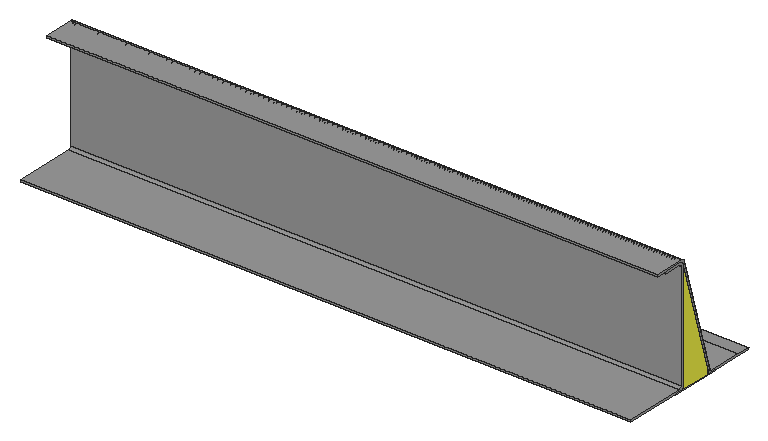
Revit family "CFS K 70 WIL", category Generic Models, Revit 2014
Parameters (values of type "Max lintel length 4800mm")
  URL = "http://www.keystonelintels.co.uk"
  Structural Opening [instance] = 900 mm
  Structural Performance = "The Keystone lintel range has safe working loads as detailed in each applicable loading table in the Keystone Lintel Guide brochure. The structural performance figures within each table have been ascertained by testing in accordance with the requirements of standards BS EN 5977-2: 1983 and BS EN 845-2: 2003."
  RIBA Productor Selector = "available for Keystone Lintels Ltd from Keystone Lintels Ltd from ribaproductselector.com"
  Model = "CFS/K 70 WIL"
  Min Length = 600 mm
  Min Clear Span = 300 mm
  Max Length = 4800 mm
  Max Clear Span = 4800 mm
  Material - Stainless Steel = "Grade 304 2b 1.4307 to BS EN 10088-2. Other grades available on request: contact manufacturer."
  Material - Galvanised Steel = "To BS EN 10346: 2009. DX51D plus Z600 or grade Z275 to BS 5977-2: 1983 (BS EN 845-2: 2003)."
  Manufacturer = "Keystone"
  Manufactured Length [instance] = (roundup(Effective Length / 150 mm) * 150 mm)  # 1200 mm
  Lintel height [instance] = 2100 mm
  Keynote = "F30/755"
  Fire Performance = "Keystone lintels have been subjected to a fire test (WARRES No. 101263) in accordance with BS 476-20: 1987, at Exova Warrington Fire and achieved a one hour fire performance."
  End Bearing = 150 mm
  Effective Length [instance] = Clear Opening with MIN MAX set + End Bearing * 2  # 1200 mm
  Corrosion = "Keystone’s standard range of lintels are manufactured from high quality grade pre-galvanized carbon steel with a zinc coating of 600"
  Contact Tel = "+44 (0)28 8676 2184"
  Contact Email = "info@keystonelintels.co.uk"
  Clear Opening with MIN MAX set [instance] = if(Structural Opening < Min Clear Span, Min Clear Span, (if(Structural Opening > Max Clear Span, Max Clear Span, Structural Opening)))  # 900 mm
  CPD Information = "Available for Keystone Lintels Ltd from ribacpd.com"
Reference planes
  plane 1 "Center (Front/Back)": y = 0
  plane 2: z = 0
  plane 3 "Center (Left/Right)": x = 0
  plane 4: x = -600
  plane 5: x = 600
  plane 6: z = 2100
  plane 7: x = -450
  plane 8: x = 450
Forms (mm)
  Extrusion 1, solid, material "Steel"
    sketch origin (0, 702.337, -496.241) x (0, 1, 0) y (0, 0, 1)
      loop
        line (-573.097, 2595.382) -> (-572.987, 2598.58) -> (-597.95, 2599.441) -> (-665.808, 2599.441)
        arc (-665.808, 2599.441) -> (-666.894, 2599.805) -> (-667.54, 2600.75) r 1.8
        line (-667.54, 2600.75) -> (-731.023, 2821.604)
        arc (-731.023, 2821.604) -> (-732.819, 2824.23) -> (-735.834, 2825.241) r 5
        line (-735.834, 2825.241) -> (-795.834, 2825.241) -> (-795.834, 2822.041) -> (-735.985, 2822.041)
        arc (-735.985, 2822.041) -> (-734.771, 2821.631) -> (-734.056, 2820.568) r 2
        line (-734.056, 2820.568) -> (-670.617, 2599.878)
        arc (-670.617, 2599.878) -> (-668.822, 2597.253) -> (-665.807, 2596.241) r 5
        line (-665.807, 2596.241) -> (-598.005, 2596.241) -> (-573.097, 2595.382)
    from -600 to 600
  Extrusion 2, solid, material "Steel"
    sketch origin (0, 702.337, -496.241) x (0, 1, 0) y (0, 0, 1)
      loop
        arc (-740.985, 2596.241) -> (-735.399, 2598.555) -> (-733.085, 2604.141) r 7.9
        line (-733.085, 2604.141) -> (-733.085, 2814.141)
        arc (-733.085, 2814.141) -> (-735.399, 2819.727) -> (-740.985, 2822.041) r 7.9
        line (-740.985, 2822.041) -> (-775.985, 2822.041) -> (-775.985, 2818.841) -> (-741.285, 2818.841)
        arc (-741.285, 2818.841) -> (-737.75, 2817.377) -> (-736.285, 2813.841) r 5
        line (-736.285, 2813.841) -> (-736.285, 2604.141)
        arc (-736.285, 2604.141) -> (-737.662, 2600.818) -> (-740.985, 2599.441) r 4.7
        line (-740.985, 2599.441) -> (-860.985, 2599.441) -> (-860.985, 2596.241) -> (-740.985, 2596.241)
    from -600 to 600
  Extrusion 3, solid, material "Steel"
    sketch origin (0, 702.337, -496.241) x (0, 1, 0) y (0, 0, 1)
      loop
        line (-750.531, 2595.241) -> (-655.531, 2595.241) -> (-655.531, 2596.241) -> (-672.531, 2596.241) -> (-672.531, 2604.241) -> (-673.531, 2604.241) -> (-673.531, 2596.241) -> (-750.531, 2596.241) -> (-750.531, 2595.241)
    from -600 to 600
  Extrusion 4, solid, material "Insulation"
    sketch origin (0, 702.337, -496.241) x (0, 1, 0) y (0, 0, 1)
      loop
        arc (-665.807, 2596.241) -> (-668.822, 2597.253) -> (-670.617, 2599.878) r 5
        line (-670.617, 2599.878) -> (-734.056, 2820.568)
        arc (-734.056, 2820.568) -> (-734.771, 2821.631) -> (-735.985, 2822.041) r 2
        line (-735.985, 2822.041) -> (-740.985, 2822.041)
        arc (-740.985, 2822.041) -> (-735.399, 2819.727) -> (-733.085, 2814.141) r 7.9
        line (-733.085, 2814.141) -> (-733.085, 2604.141)
        arc (-733.085, 2604.141) -> (-735.399, 2598.555) -> (-740.985, 2596.241) r 7.9
        line (-740.985, 2596.241) -> (-673.531, 2596.241) -> (-673.531, 2604.241) -> (-672.531, 2604.241) -> (-672.531, 2596.241) -> (-665.807, 2596.241)
    from -600 to 600
  Extrusion 5, solid, not visible
    sketch origin (0, 978.26, 1245.768) x (0, 1, 0) y (0, 0, 1)
      loop
        line (-573.097, 995.382) -> (-572.987, 998.58) -> (-597.95, 999.441) -> (-665.808, 999.441)
        arc (-665.808, 999.441) -> (-666.894, 999.805) -> (-667.54, 1000.75) r 1.8
        line (-667.54, 1000.75) -> (-731.023, 1221.604)
        arc (-731.023, 1221.604) -> (-732.819, 1224.23) -> (-735.834, 1225.241) r 5
        line (-735.834, 1225.241) -> (-795.834, 1225.241) -> (-795.834, 1222.041) -> (-735.985, 1222.041)
        arc (-735.985, 1222.041) -> (-734.771, 1221.631) -> (-734.056, 1220.568) r 2
        line (-734.056, 1220.568) -> (-670.617, 999.878)
        arc (-670.617, 999.878) -> (-668.822, 997.253) -> (-665.807, 996.241) r 5
        line (-665.807, 996.241) -> (-598.005, 996.241) -> (-573.097, 995.382)
    from 0 to 250
  Extrusion 6, solid, not visible
    sketch origin (0, 578.987, 1226.145) x (0, 1, 0) y (0, 0, 1)
      loop
        arc (-740.985, 996.241) -> (-735.399, 998.555) -> (-733.085, 1004.141) r 7.9
        line (-733.085, 1004.141) -> (-733.085, 1214.141)
        arc (-733.085, 1214.141) -> (-735.399, 1219.727) -> (-740.985, 1222.041) r 7.9
        line (-740.985, 1222.041) -> (-775.985, 1222.041) -> (-775.985, 1218.841) -> (-741.285, 1218.841)
        arc (-741.285, 1218.841) -> (-737.75, 1217.377) -> (-736.285, 1213.841) r 5
        line (-736.285, 1213.841) -> (-736.285, 1004.141)
        arc (-736.285, 1004.141) -> (-737.662, 1000.818) -> (-740.985, 999.441) r 4.7
        line (-740.985, 999.441) -> (-860.985, 999.441) -> (-860.985, 996.241) -> (-740.985, 996.241)
    from 0 to 250
  Extrusion 7, solid, not visible
    sketch origin (0, 971.869, 964.623) x (0, 1, 0) y (0, 0, 1)
      loop
        line (-750.531, 995.241) -> (-655.531, 995.241) -> (-655.531, 996.241) -> (-672.531, 996.241) -> (-672.531, 1004.241) -> (-673.531, 1004.241) -> (-673.531, 996.241) -> (-750.531, 996.241) -> (-750.531, 995.241)
    from 0 to 250
  Extrusion 8, solid, not visible
    sketch origin (0, 543.958, 814.928) x (0, 1, 0) y (0, 0, 1)
      loop
        arc (-665.807, 996.241) -> (-668.822, 997.253) -> (-670.617, 999.878) r 5
        line (-670.617, 999.878) -> (-734.056, 1220.568)
        arc (-734.056, 1220.568) -> (-734.771, 1221.631) -> (-735.985, 1222.041) r 2
        line (-735.985, 1222.041) -> (-740.985, 1222.041)
        arc (-740.985, 1222.041) -> (-735.399, 1219.727) -> (-733.085, 1214.141) r 7.9
        line (-733.085, 1214.141) -> (-733.085, 1004.141)
        arc (-733.085, 1004.141) -> (-735.399, 998.555) -> (-740.985, 996.241) r 7.9
        line (-740.985, 996.241) -> (-673.531, 996.241) -> (-673.531, 1004.241) -> (-672.531, 1004.241) -> (-672.531, 996.241) -> (-665.807, 996.241)
    from 0 to 250
Dimensions and locks
  equal spacing: plane 4, plane 3 "Center (Left/Right)", plane 5
  "Manufactured Length": plane 4 to plane 5
  "Lintel height": plane 6 to level
  "Structural Opening": plane 7 to plane 8
  equal spacing: plane 7, plane 3 "Center (Left/Right)", plane 8
  aligned and locked: level to plane 2
  aligned and locked: Extrusion 1 to plane 6
  aligned and locked: Extrusion 4 to plane 6
  aligned and locked: plane 6 to Extrusion 3
  aligned and locked: Extrusion 2 to plane 6
  aligned and locked: plane 5 to Extrusion 3
  aligned and locked: Extrusion 3 to plane 4
  aligned and locked: plane 5 to Extrusion 1
  aligned and locked: Extrusion 1 to plane 4
  aligned and locked: plane 5 to Extrusion 4
  aligned and locked: Extrusion 4 to plane 4
  aligned and locked: plane 5 to Extrusion 2
  aligned and locked: Extrusion 2 to plane 4
Automatic sketch dimensions
  Extrusion 1 sketch curve to Extrusion 1 sketch curve = 24.907 mm
  Extrusion 1 sketch curve to Extrusion 1 sketch curve = 0.11 mm
  Extrusion 1 sketch curve to Extrusion 1 sketch curve = 0.859 mm
  Extrusion 1 sketch curve to Extrusion 1 sketch curve = 3.198 mm
  Extrusion 1 sketch curve to Extrusion 1 sketch curve = 0.055 mm
  Extrusion 1 sketch curve to Extrusion 1 sketch curve = 3.2 mm
  Extrusion 1 sketch curve to Extrusion 1 sketch curve = 67.802 mm
  Extrusion 1 sketch curve to Extrusion 1 sketch curve = 0.002 mm
  Extrusion 1 sketch curve to Extrusion 1 sketch curve = 1.8 mm
  Extrusion 1 sketch curve to Extrusion 1 sketch curve = 4.809 mm
  Extrusion 1 sketch curve to Extrusion 1 sketch curve = 0 mm
  Extrusion 1 sketch curve to Extrusion 1 sketch curve = 1.732 mm
  Extrusion 1 sketch curve to Extrusion 1 sketch curve = 63.483 mm
  Extrusion 1 sketch curve to Extrusion 1 sketch curve = 220.854 mm
  Extrusion 1 sketch curve to Extrusion 1 sketch curve = 3.032 mm
  Extrusion 1 sketch curve to Extrusion 1 sketch curve = 1.036 mm
  Extrusion 1 sketch curve to Extrusion 1 sketch curve = 1.929 mm
  Extrusion 1 sketch curve to Extrusion 1 sketch curve = 0.527 mm
  Extrusion 1 sketch curve to Extrusion 1 sketch curve = 59.849 mm
  Extrusion 1 sketch curve to Extrusion 1 sketch curve = 0.151 mm
  Extrusion 1 sketch curve to Extrusion 1 sketch curve = 0.2 mm
  Extrusion 2 sketch curve to Extrusion 2 sketch curve = 120 mm
  Extrusion 2 sketch curve to Extrusion 2 sketch curve = 3.2 mm
  Extrusion 2 sketch curve to Extrusion 2 sketch curve = 0 mm  (x4)
  Extrusion 2 sketch curve to Extrusion 2 sketch curve = 4.7 mm
  Extrusion 2 sketch curve to Extrusion 2 sketch curve = 209.7 mm
  Extrusion 2 sketch curve to Extrusion 2 sketch curve = 0.3 mm  (x2)
  Extrusion 2 sketch curve to Extrusion 2 sketch curve = 5 mm
  Extrusion 2 sketch curve to Extrusion 2 sketch curve = 34.7 mm
  Extrusion 3 sketch curve to Extrusion 3 sketch curve = 1 mm  (x2)
  Extrusion 3 sketch curve to Extrusion 3 sketch curve = 17 mm
  Extrusion 3 sketch curve to Extrusion 3 sketch curve = 78 mm
  Extrusion 3 sketch curve to Extrusion 3 sketch curve = 8 mm
  Extrusion 3 sketch curve to Extrusion 3 sketch curve = 0 mm
  Extrusion 4 sketch curve to Extrusion 4 sketch curve = 0 mm  (x2)
  Extrusion 4 sketch curve to Extrusion 4 sketch curve = 5 mm
  Extrusion 4 sketch curve to Extrusion 4 sketch curve = 1.929 mm
  Extrusion 4 sketch curve to Extrusion 4 sketch curve = 59.554 mm
  Extrusion 4 sketch curve to Extrusion 4 sketch curve = 1 mm
  Extrusion 4 sketch curve to Extrusion 4 sketch curve = 1.913 mm
  Extrusion 4 sketch curve to Extrusion 4 sketch curve = 4.811 mm
  Extrusion 4 sketch curve to Extrusion 4 sketch curve = 3.637 mm
  Extrusion 4 sketch curve to Extrusion 4 sketch curve = 7.9 mm
  Extrusion 4 sketch curve to Extrusion 4 sketch curve = 4.363 mm
  Extrusion 4 sketch curve to Extrusion 4 sketch curve = 210 mm
  Extrusion 4 sketch curve to Extrusion 4 sketch curve = 2 mm
  Extrusion 5 sketch curve to Extrusion 5 sketch curve = 24.907 mm
  Extrusion 5 sketch curve to Extrusion 5 sketch curve = 0.11 mm
  Extrusion 5 sketch curve to Extrusion 5 sketch curve = 0.859 mm
  Extrusion 5 sketch curve to Extrusion 5 sketch curve = 3.198 mm
  Extrusion 5 sketch curve to Extrusion 5 sketch curve = 0.055 mm
  Extrusion 5 sketch curve to Extrusion 5 sketch curve = 3.2 mm
  Extrusion 5 sketch curve to Extrusion 5 sketch curve = 67.802 mm
  Extrusion 5 sketch curve to Extrusion 5 sketch curve = 0.002 mm
  Extrusion 5 sketch curve to Extrusion 5 sketch curve = 1.8 mm
  Extrusion 5 sketch curve to Extrusion 5 sketch curve = 4.809 mm
  Extrusion 5 sketch curve to Extrusion 5 sketch curve = 0 mm
  Extrusion 5 sketch curve to Extrusion 5 sketch curve = 1.732 mm
  Extrusion 5 sketch curve to Extrusion 5 sketch curve = 63.483 mm
  Extrusion 5 sketch curve to Extrusion 5 sketch curve = 220.854 mm
  Extrusion 5 sketch curve to Extrusion 5 sketch curve = 3.032 mm
  Extrusion 5 sketch curve to Extrusion 5 sketch curve = 1.036 mm
  Extrusion 5 sketch curve to Extrusion 5 sketch curve = 1.929 mm
  Extrusion 5 sketch curve to Extrusion 5 sketch curve = 0.527 mm
  Extrusion 5 sketch curve to Extrusion 5 sketch curve = 59.849 mm
  Extrusion 5 sketch curve to Extrusion 5 sketch curve = 0.151 mm
  Extrusion 5 sketch curve to Extrusion 5 sketch curve = 0.2 mm
  Extrusion 6 sketch curve to Extrusion 6 sketch curve = 120 mm
  Extrusion 6 sketch curve to Extrusion 6 sketch curve = 3.2 mm
  Extrusion 6 sketch curve to Extrusion 6 sketch curve = 0 mm  (x4)
  Extrusion 6 sketch curve to Extrusion 6 sketch curve = 4.7 mm
  Extrusion 6 sketch curve to Extrusion 6 sketch curve = 209.7 mm
  Extrusion 6 sketch curve to Extrusion 6 sketch curve = 0.3 mm  (x2)
  Extrusion 6 sketch curve to Extrusion 6 sketch curve = 5 mm
  Extrusion 6 sketch curve to Extrusion 6 sketch curve = 34.7 mm
  Extrusion 7 sketch curve to Extrusion 7 sketch curve = 1 mm  (x2)
  Extrusion 7 sketch curve to Extrusion 7 sketch curve = 17 mm
  Extrusion 7 sketch curve to Extrusion 7 sketch curve = 78 mm
  Extrusion 7 sketch curve to Extrusion 7 sketch curve = 8 mm
  Extrusion 7 sketch curve to Extrusion 7 sketch curve = 0 mm
  Extrusion 8 sketch curve to Extrusion 8 sketch curve = 0 mm  (x2)
  Extrusion 8 sketch curve to Extrusion 8 sketch curve = 5 mm
  Extrusion 8 sketch curve to Extrusion 8 sketch curve = 1.929 mm
  Extrusion 8 sketch curve to Extrusion 8 sketch curve = 59.554 mm
  Extrusion 8 sketch curve to Extrusion 8 sketch curve = 1 mm
  Extrusion 8 sketch curve to Extrusion 8 sketch curve = 1.913 mm
  Extrusion 8 sketch curve to Extrusion 8 sketch curve = 4.811 mm
  Extrusion 8 sketch curve to Extrusion 8 sketch curve = 3.637 mm
  Extrusion 8 sketch curve to Extrusion 8 sketch curve = 7.9 mm
  Extrusion 8 sketch curve to Extrusion 8 sketch curve = 4.363 mm
  Extrusion 8 sketch curve to Extrusion 8 sketch curve = 210 mm
  Extrusion 8 sketch curve to Extrusion 8 sketch curve = 2 mm
  Extrusion 1 sketch curve to plane 6 = 0 mm
  plane 1 "Center (Front/Back)" to Extrusion 1 sketch curve = 93.497 mm
  Extrusion 4 sketch curve to plane 6 = 0 mm
  plane 1 "Center (Front/Back)" to Extrusion 4 sketch curve = 38.648 mm
  Extrusion 2 sketch curve to plane 6 = 0 mm
  plane 1 "Center (Front/Back)" to Extrusion 2 sketch curve = 158.648 mm
  Extrusion 3 sketch curve to plane 6 = 0 mm
  plane 1 "Center (Front/Back)" to Extrusion 3 sketch curve = 48.194 mm
